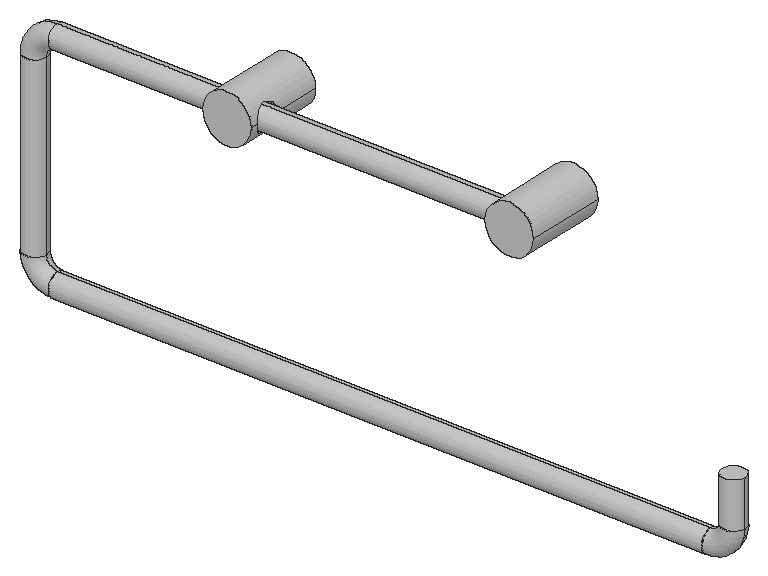
Revit family "T13BP", category Generic Models, Revit 2021
Family settings
  Can host rebar = No
  Round Connector Dimension = Use Diameter
  Part Type = Normal
  Work Plane-Based = No
  Always vertical = Yes
  Cut with Voids When Loaded = No
  Shared = No
  Room Calculation Point = No
Parameters (values of type "Standard")
  e-mail = "info@vola.com"
  URL = "http://vola.com"
  Telephone = "+45 7023 5500"
  Quality management standard = "ISO 9001"
  Organisation no. / DUNS no. = "17531328"
  Occupational health and safety management standard = "ISO 18001"
  Mounting Instructions = "http://vola.com/service/producturl.ashx?name=T13BP"
  Model = "T13BP"
  Materials and components information = "http://vola.com/service/producturl.ashx?name=T13BP"
  Manufacturer = "VOLA A/S"
  Maintenance Instructions = "http://vola.com/service/producturl.ashx?name=T13BP"
  Guarantee = "2 years"
  Environmental management standard = "ISO 14000"
  Default Elevation = 0.0000 mm
  Connection - All relevant connections = ""
  Approvals = "http://vola.com/service/producturl.ashx?name=T13BP"
Reference planes
  plane 1 "Center (Front/Back)": y = 0
  plane 2: z = 0
  plane 3 "Center (Left/Right)": x = 0
Forms (mm)
  Extrusion 1, solid, material "Stainless Steel"
    sketch origin (0, 0, 0) x (1, 0, 0) y (0, 0, 1)
      loop
        circle (49.5, 0) r 8.5
      loop
        circle (-49.5, 0) r 8.5
    from 0 to 28
  Sweep 2, solid, material "Stainless Steel"
    path origin (0, -21, 0) x (0, 0, -1) y (-1, 0, 0)
      loop
        line (0, -50) -> (0, 114.5)
        arc (0, 114.5) -> (2.343, 120.157) -> (8, 122.5) r 8
        line (8, 122.5) -> (70, 122.5)
        arc (70, 122.5) -> (75.657, 120.157) -> (78, 114.5) r 8
        line (78, 114.5) -> (78, -114.5)
        arc (78, -114.5) -> (75.657, -120.157) -> (70, -122.5) r 8
        line (70, -122.5) -> (54, -122.5)
    profile origin (-32.25, -21, 0) x (0, 0, 1) y (0, 1, 0)
      loop
        circle (0, 0) r 4
  Extrusion 3, void
    sketch origin (0, 2, 0) x (0, 1, 0) y (0, 0, 1)
      loop
        circle (-23, 0) r 4.75
    from -67.509 to 51.886
Cuts and joins
  Extrusion 3 cuts Extrusion 1
Dimensions and locks
  aligned and locked: plane 2 to level
